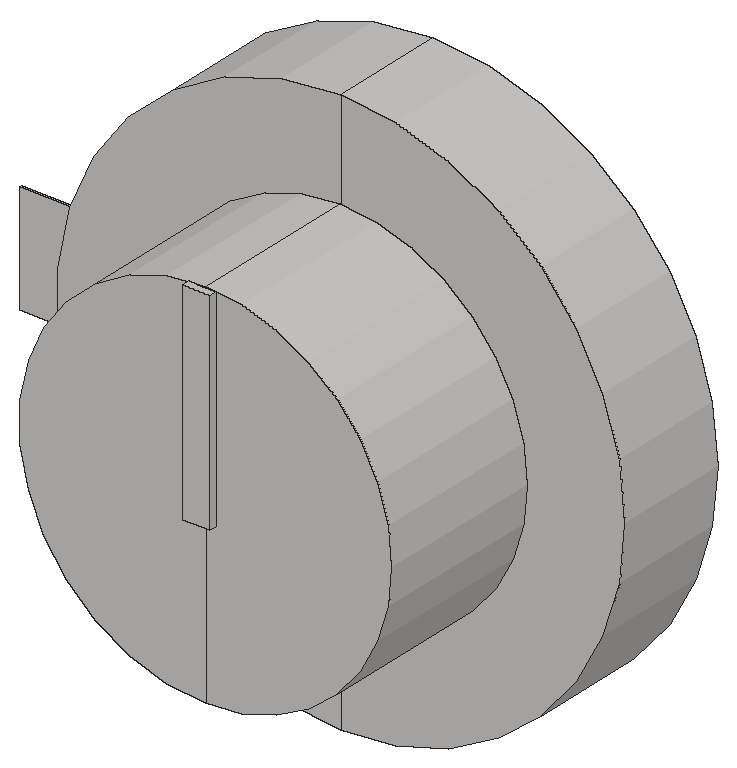
Revit family "AA490711", category Generic Models, Revit 2014
Parameters (values of type "AA490711")
  Width = 60 mm
  URL = "http://www.gaggenau.com."
  Model = "AA490711"
  Manufacturer = "Gaggenau"
  Height = 60 mm
  Unit = Metal Panel
  Description = "Gaggenau Vario 400 series control knob for use with VL 414 downdraft"
  Depth = 60 mm
Reference planes
  plane 1 "Center (Front/Back)": y = 0
  plane 2: z = 0
  plane 3 "Center (Left/Right)": x = 0
  plane 4: x = -30
  plane 5: x = 30
  plane 6: y = 30
  plane 7: y = -30
  plane 8: z = 60
Forms (mm)
  Revolve 1, solid, material "Metal Panel" <- "Unit"
    sketch origin (0, 0, 0) x (0, 1, 0) y (0, 0, 1)
      loop
        line (0, 60) -> (-12.218, 60) -> (-12.218, 49.672) -> (-30, 49.672) -> (-30, 30) -> (0, 30) -> (0, 60)
      axis (0, 30) -> (-30, 30)
    angle from 0 to 360
  Extrusion 2, solid, material "Metal Panel" <- "Unit"
    sketch origin (0, 0, 0) x (1, 0, 0) y (0, 0, 1)
      loop
        line (-1.737, 49.596) -> (-1.737, 27.42) -> (1.112, 27.42) -> (1.112, 49.596) -> (-1.737, 49.596)
    from 30.795 to 30
  Extrusion 3, solid, material "Metal Panel" <- "Unit"
    sketch origin (0, 0, 0) x (1, 0, 0) y (0, 0, 1)
      loop
        line (-28.75, 33.862) -> (-40, 33.862) -> (-40, 22.229) -> (-28.75, 22.229) -> (-28.75, 33.862)
    from 4.198 to 4.465
Dimensions and locks
  "Width": plane 4 to plane 5
  equal spacing: plane 4, plane 3 "Center (Left/Right)", plane 5
  equal spacing: plane 6, plane 1 "Center (Front/Back)", plane 7
  "Depth": plane 6 to plane 7
  "Height": plane 8 to level
  aligned and locked: level to plane 2
Automatic sketch dimensions
  Revolve 1 sketch curve to plane 7 = 0 mm
  Revolve 1 sketch curve to plane 8 = 0 mm
  Revolve 1 sketch curve to plane 1 "Center (Front/Back)" = 0 mm
  plane 1 "Center (Front/Back)" to Revolve 1 sketch curve = 12.218 mm
  Revolve 1 sketch curve to Revolve 1 sketch curve = 10.328 mm
  Revolve 1 sketch curve to Revolve 1 sketch curve = 19.672 mm
  plane 7 to Revolve 1 sketch curve = 6.732 mm
  plane 1 "Center (Front/Back)" to Revolve 1 sketch curve = 10 mm
  Revolve 1 sketch curve to Revolve 1 sketch curve = 0 mm
  Extrusion 2 sketch curve to plane 3 "Center (Left/Right)" = 1.737 mm
  plane 3 "Center (Left/Right)" to Extrusion 2 sketch curve = 1.112 mm
  level to Extrusion 2 sketch curve = 27.42 mm
  Extrusion 2 sketch curve to plane 8 = 10.404 mm
  Extrusion 3 sketch curve to plane 4 = 1.25 mm
  Extrusion 3 sketch curve to Extrusion 3 sketch curve = 11.25 mm
  level to Extrusion 3 sketch curve = 22.229 mm
  Extrusion 3 sketch curve to Extrusion 3 sketch curve = 11.632 mm
